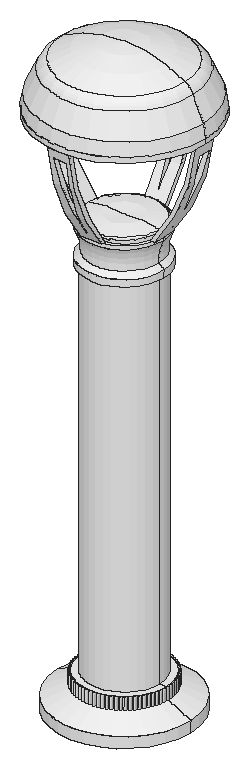
Revit family "LE1", category Lighting Fixtures, Revit 2014
Parameters
  Wattage Comments = "default"
  Wattage = 12.1178 W
  built-in parameter 1150110 = 1 (stored number, unit not read)
  Voltage = 120 V
  URL = "https://www.hubbell.com/kimlighting/en/"
  Type Comments = "Lighted Bollard"  # constant formula
  built-in parameter 1114217 = 1 (stored number, unit not read)
  Tilt Angle = 90.00°
  built-in parameter 1150109 = 1 (stored number, unit not read)
  built-in parameter 1150134 = (empty or 0)
  built-in parameter 1150113 = 1 (stored number, unit not read)
  Series = "Era® Lantern Bollard"  # constant formula
  Radius = Diameter / 2  # 2.50"
  Product Page URL = "https://www.hubbell.com/kimlighting/en/Products/Lighting-Controls/Commercial-Outdoor-Lighting/Bollards/Era-Lantern-Bollard/p/248478"
  Product Documentation Link = "https://hubbellcdn.com/specsheet/kl_lebollardled_spec_350mA.pdf"
  Power Factor = 1
  Photometric Web Link = "https://www.hubbell.com/kimlighting/en/Products/Lighting-Controls/Commercial-Outdoor-Lighting/Bollards/Era-Lantern-Bollard/p/248478#prod-photometry-section"
  Photometric Web File = "le1-18l3k.ies"
  Photometric Notes = "More IES files download on Photometric Web Link"  # constant formula
  Number of Poles = 1
  Model = "Era® Lantern Bollard"  # constant formula
  MasterFormat Title = "Landscape Lighting, Site Lighting, Walkway Lighting"  # constant formula
  Manufacturer = "Kim Lighting"  # constant formula
  Lumens = 1800 lm
  built-in parameter 1150115 = 1 (stored number, unit not read)
  built-in parameter 1150105 = 143.24 (stored number, unit not read)
  Load Classification = Lighting
  built-in parameter 1150137 = (empty or 0)
  built-in parameter 1150139 = (empty or 0)
  built-in parameter 1150112 = 1 (stored number, unit not read)
  built-in parameter 1150114 = 1 (stored number, unit not read)
  Lamp = "LED"  # constant formula
  built-in parameter 1150132 = 2
  built-in parameter 1150102 = (empty or 0)
  built-in parameter 1150138 = (empty or 0)
  built-in parameter 1150107 = 3000 (stored number, unit not read)
  built-in parameter 1150106 = 1.4324 (stored number, unit not read)
  Height = 24.00"
  Glass = Glass-KIM-Temper Molded
  Finish = Powder Coat-Kim-White
  built-in parameter 1150104 = 13.8 (stored number, unit not read)
  Dimming Lamp Color Temperature Shift = <None>
  Diameter = 5.00"  # constant formula
  Description = "Era Lantern Bollard optics are unmatched by any other period pathway luminaire and features high 95% reflectivity and precise light distributions. Meets strict IES and IDA full cutoff dark sky standards.\r\n\r\nComplement to Era Lantern Luminaire\r\nFull cutoff above horizontal\r\nBattery back-up, emergency battery pack and houseside shield options"  # constant formula
  Color Filter = 16777215
  built-in parameter 1114218 = 1 (stored number, unit not read)
  built-in parameter 1150133 = 10 (stored number, unit not read)
  Assembly Code = "D5020200"
  Apparent Load = 0 VA
Reference planes (in)
  plane 1 "Light Source Axis (F/B)": y = 0
  plane 2: z = 0
  plane 3 "Light Source Axis (L/R)": x = 0
  plane 4 "Light Source Elevation": z = 37.62598
  plane 5 "Left": x = -2.5
  plane 6 "Right": x = 2.5
  plane 7 "Back": y = 2.5
  plane 8 "Front": y = -2.5
  plane 9: z = 28
  plane 10: z = 42.18504
  plane 11: x = -4.69
  plane 12: x = 4.69
  plane 13: x = -5.75
  plane 14: x = 5.75
Forms (in)
  Revolve 1, solid, material "Powder Coat-Kim-White" <- "Finish"
    sketch origin (0, 0, 0) x (1, 0, 0) y (0, 0, 1)
      loop
        line (0, 28) -> (0, 31.17407)
        arc (0, 31.17407) -> (-1.24678, 31.2549) -> (-2.48402, 31.08104) r 6.12486
        arc (-2.48402, 31.08104) -> (-2.54054, 31.04449) -> (-2.5625, 30.98085) r 0.10319
        line (-2.5625, 30.98085) -> (-2.5625, 30.74864) -> (-2.8125, 30.74864) -> (-2.8125, 30.49864)
        arc (-2.8125, 30.49864) -> (-2.51494, 29.76669) -> (-2.45895, 28.97855) r 2.51724
        line (-2.45895, 28.97855) -> (-2.8125, 28.625) -> (-2.8125, 28.14572) -> (-2.5, 28) -> (0, 28)
      loop
        line (0, 38.00278) -> (-5.75, 38.00278) -> (-5.75, 37.63202) -> (0, 37.63202) -> (0, 38.00278)
      axis (0, 28) -> (0, 38.00278)
    angle from 0 to 360
  Revolve 2, solid, material "Powder Coat-Kim-White" <- "Finish"
    sketch origin (0, 0, 0) x (1, 0, 0) y (0, 0, 1)
      loop
        line (-2.5, 28) -> (-2.5, 2.33371) -> (-3, 2.33371) -> (-3, 1.53806) -> (-4.69, 0.75) -> (-4.69, 0) -> (0, 0) -> (0, 28) -> (-2.5, 28)
      axis (0, 28) -> (0, 0)
    angle from 0 to 360
  Extrusion 3, solid, material "Powder Coat-Kim-White" <- "Finish"
    sketch origin (0, 0.0007, 0) x (1, 0, 0) y (0, 0, 1)
      loop
        arc (-5.74472, 37.62598) -> (-4.74909, 33.98703) -> (-2.80874, 30.75155) r 13.85538
        line (-2.80874, 30.75155) -> (-2.55901, 30.75155)
        arc (-2.55901, 30.75155) -> (-4.46326, 34.00246) -> (-5.49505, 37.62598) r 14.96211
        line (-5.49505, 37.62598) -> (-5.74472, 37.62598)
    from -0.83203 to 0.67048
  Extrusion 4, void
    sketch origin (-0.00218, 0, 0) x (0, 1, 0) y (0, 0, 1)
      loop
        line (0, 37.03142) -> (-0.49165, 37.03142) -> (0, 31.46586) -> (0.49165, 37.03142) -> (0, 37.03142)
    from -6.56307 to -2.24182
  Extrusion 5, solid, material "Powder Coat-Kim-White" <- "Finish"
    sketch origin (0.00141, 0.00218, 0) x (0, -1, 0) y (0, 0, 1)
      loop
        arc (-5.74472, 37.62598) -> (-4.74909, 33.98703) -> (-2.80874, 30.75155) r 13.85538
        line (-2.80874, 30.75155) -> (-2.55901, 30.75155)
        arc (-2.55901, 30.75155) -> (-4.46326, 34.00246) -> (-5.49505, 37.62598) r 14.96211
        line (-5.49505, 37.62598) -> (-5.74472, 37.62598)
    from -0.83203 to 0.67048
  Extrusion 6, void
    sketch origin (0.0007, 0.00435, 0) x (1, 0, 0) y (0, 0, 1)
      loop
        line (0, 37.03142) -> (-0.49165, 37.03142) -> (0, 31.46586) -> (0.49165, 37.03142) -> (0, 37.03142)
    from -6.56307 to -2.24182
  Extrusion 7, solid, material "Powder Coat-Kim-White" <- "Finish"
    sketch origin (0.00288, 0.00077, 0) x (-1, 0, 0) y (0, 0, 1)
      loop
        arc (-5.74472, 37.62598) -> (-4.74909, 33.98703) -> (-2.80874, 30.75155) r 13.85538
        line (-2.80874, 30.75155) -> (-2.55901, 30.75155)
        arc (-2.55901, 30.75155) -> (-4.46326, 34.00246) -> (-5.49505, 37.62598) r 14.96211
        line (-5.49505, 37.62598) -> (-5.74472, 37.62598)
    from -0.83203 to 0.67048
  Extrusion 8, void
    sketch origin (0.00505, 0.00147, 0) x (0, -1, 0) y (0, 0, 1)
      loop
        line (0, 37.03142) -> (-0.49165, 37.03142) -> (0, 31.46586) -> (0.49165, 37.03142) -> (0, 37.03142)
    from -6.56307 to -2.24182
  Extrusion 9, solid, material "Powder Coat-Kim-White" <- "Finish"
    sketch origin (0.00147, -0.0007, 0) x (0, 1, 0) y (0, 0, 1)
      loop
        arc (-5.74472, 37.62598) -> (-4.74909, 33.98703) -> (-2.80874, 30.75155) r 13.85538
        line (-2.80874, 30.75155) -> (-2.55901, 30.75155)
        arc (-2.55901, 30.75155) -> (-4.46326, 34.00246) -> (-5.49505, 37.62598) r 14.96211
        line (-5.49505, 37.62598) -> (-5.74472, 37.62598)
    from -0.83203 to 0.67048
  Extrusion 10, void
    sketch origin (0.00218, -0.00288, 0) x (-1, 0, 0) y (0, 0, 1)
      loop
        line (0, 37.03142) -> (-0.49165, 37.03142) -> (0, 31.46586) -> (0.49165, 37.03142) -> (0, 37.03142)
    from -6.56307 to -2.24182
  Revolve 11, solid, material "Powder Coat-Kim-White" <- "Finish"
    sketch origin (0, 0, -0.375) x (1, 0, 0) y (0, 0, 1)
      loop
        line (-5.75046, 38.37778) -> (0, 38.37778) -> (0, 42.56004)
        arc (0, 42.56004) -> (-2.21407, 42.23936) -> (-4.29467, 41.41713) r 9.64356
        arc (-4.29467, 41.41713) -> (-4.63067, 41.16007) -> (-4.86843, 40.81015) r 1.32389
        line (-4.86843, 40.81015) -> (-5.5971, 39.24751) -> (-5.75046, 38.37778)
      axis (0, 42.56004) -> (0, 38.37778)
    angle from 0 to 360
  Extrusion 12, solid, material "Powder Coat-Kim-White" <- "Finish"
    sketch origin (0, 0, 0) x (1, 0, 0) y (0, 1, 0)
      loop
        arc (0.08185, 3.00042) -> (0.0037, 3.10165) -> (-0.07463, 3.00055) r 0.08084
        arc (-0.07463, 3.00055) -> (0.00361, 3.00168) -> (0.08185, 3.00042) r 2.56173
      loop
        arc (0.34299, 2.98199) -> (0.27395, 3.08965) -> (0.18711, 2.99577) r 0.08084
        arc (0.18711, 2.99577) -> (0.26515, 2.99007) -> (0.34299, 2.98199) r 2.56173
      loop
        arc (0.60152, 2.94088) -> (0.54213, 3.05415) -> (0.44744, 2.96819) r 0.08084
        arc (0.44744, 2.96819) -> (0.52469, 2.95571) -> (0.60152, 2.94088) r 2.56173
      loop
        arc (0.85549, 2.87739) -> (0.8062, 2.9954) -> (0.70437, 2.91802) r 0.08084
        arc (0.70437, 2.91802) -> (0.78024, 2.89886) -> (0.85549, 2.87739) r 2.56173
      loop
        arc (1.10296, 2.79201) -> (1.06414, 2.91387) -> (0.95595, 2.84566) r 0.08084
        arc (0.95595, 2.84566) -> (1.02987, 2.81996) -> (1.10296, 2.79201) r 2.56173
      loop
        arc (1.34204, 2.68539) -> (1.31399, 2.81016) -> (1.20027, 2.75164) r 0.08084
        arc (1.20027, 2.75164) -> (1.27166, 2.7196) -> (1.34204, 2.68539) r 2.56173
      loop
        arc (1.57092, 2.55833) -> (1.55385, 2.68508) -> (1.43547, 2.63669) r 0.08084
        arc (1.43547, 2.63669) -> (1.50379, 2.59854) -> (1.57092, 2.55833) r 2.56173
      loop
        arc (1.78786, 2.41181) -> (1.7819, 2.53956) -> (1.65975, 2.50167) r 0.08084
        arc (1.65975, 2.50167) -> (1.72449, 2.45772) -> (1.78786, 2.41181) r 2.56173
      loop
        arc (1.9912, 2.24694) -> (1.9964, 2.37472) -> (1.87141, 2.34762) r 0.08084
        arc (1.87141, 2.34762) -> (1.93207, 2.2982) -> (1.9912, 2.24694) r 2.56173
      loop
        arc (2.1794, 2.06497) -> (2.19571, 2.19182) -> (2.06884, 2.17571) r 0.08084
        arc (2.06884, 2.17571) -> (2.12496, 2.12119) -> (2.1794, 2.06497) r 2.56173
      loop
        arc (2.35102, 1.86729) -> (2.37833, 1.99224) -> (2.25053, 1.98725) r 0.08084
        arc (2.25053, 1.98725) -> (2.30169, 1.92804) -> (2.35102, 1.86729) r 2.56173
      loop
        arc (2.50476, 1.65541) -> (2.54286, 1.7775) -> (2.41511, 1.78367) r 0.08084
        arc (2.41511, 1.78367) -> (2.46092, 1.72023) -> (2.50476, 1.65541) r 2.56173
      loop
        arc (2.63945, 1.43094) -> (2.68804, 1.54924) -> (2.56132, 1.56652) r 0.08084
        arc (2.56132, 1.56652) -> (2.60142, 1.49933) -> (2.63945, 1.43094) r 2.56173
      loop
        arc (2.75406, 1.19558) -> (2.81278, 1.30919) -> (2.68805, 1.33745) r 0.08084
        arc (2.68805, 1.33745) -> (2.72214, 1.26702) -> (2.75406, 1.19558) r 2.56173
      loop
        arc (2.84772, 0.95112) -> (2.91612, 1.05919) -> (2.79433, 1.09821) r 0.08084
        arc (2.79433, 1.09821) -> (2.82215, 1.02508) -> (2.84772, 0.95112) r 2.56173
      loop
        arc (2.91972, 0.69944) -> (2.99728, 0.80113) -> (2.87935, 0.85062) r 0.08084
        arc (2.87935, 0.85062) -> (2.90069, 0.77534) -> (2.91972, 0.69944) r 2.56173
      loop
        arc (2.96951, 0.44243) -> (3.05564, 0.53698) -> (2.94247, 0.59656) r 0.08084
        arc (2.94247, 0.59656) -> (2.95717, 0.5197) -> (2.96951, 0.44243) r 2.56173
      loop
        arc (2.99672, 0.18207) -> (3.09075, 0.26875) -> (2.98321, 0.33797) r 0.08084
        arc (2.98321, 0.33797) -> (2.99115, 0.26012) -> (2.99672, 0.18207) r 2.56173
      loop
        arc (3.00112, -0.07968) -> (3.10235, -0.00152) -> (3.00125, 0.07681) r 0.08084
        arc (3.00125, 0.07681) -> (3.00238, -0.00144) -> (3.00112, -0.07968) r 2.56173
      loop
        arc (2.9827, -0.34081) -> (3.09036, -0.27178) -> (2.99647, -0.18494) r 0.08084
        arc (2.99647, -0.18494) -> (2.99077, -0.26298) -> (2.9827, -0.34081) r 2.56173
      loop
        arc (2.94159, -0.59935) -> (3.05485, -0.53996) -> (2.96889, -0.44526) r 0.08084
        arc (2.96889, -0.44526) -> (2.95641, -0.52251) -> (2.94159, -0.59935) r 2.56173
      loop
        arc (2.8781, -0.85331) -> (2.99611, -0.80402) -> (2.91873, -0.7022) r 0.08084
        arc (2.91873, -0.7022) -> (2.89957, -0.77806) -> (2.8781, -0.85331) r 2.56173
      loop
        arc (2.79272, -1.10078) -> (2.91457, -1.06196) -> (2.84636, -0.95378) r 0.08084
        arc (2.84636, -0.95378) -> (2.82066, -1.02769) -> (2.79272, -1.10078) r 2.56173
      loop
        arc (2.68609, -1.33986) -> (2.81087, -1.31181) -> (2.75234, -1.1981) r 0.08084
        arc (2.75234, -1.1981) -> (2.7203, -1.26949) -> (2.68609, -1.33986) r 2.56173
      loop
        arc (2.55903, -1.56875) -> (2.68578, -1.55168) -> (2.63739, -1.43329) r 0.08084
        arc (2.63739, -1.43329) -> (2.59925, -1.50162) -> (2.55903, -1.56875) r 2.56173
      loop
        arc (2.41251, -1.78568) -> (2.54026, -1.77973) -> (2.50238, -1.65758) r 0.08084
        arc (2.50238, -1.65758) -> (2.45842, -1.72232) -> (2.41251, -1.78568) r 2.56173
      loop
        arc (2.24764, -1.98902) -> (2.37543, -1.99422) -> (2.34833, -1.86924) r 0.08084
        arc (2.34833, -1.86924) -> (2.2989, -1.9299) -> (2.24764, -1.98902) r 2.56173
      loop
        arc (2.06567, -2.17722) -> (2.19252, -2.19354) -> (2.17642, -2.06666) r 0.08084
        arc (2.17642, -2.06666) -> (2.12189, -2.12279) -> (2.06567, -2.17722) r 2.56173
      loop
        arc (1.868, -2.34884) -> (1.99294, -2.37615) -> (1.98796, -2.24836) r 0.08084
        arc (1.98796, -2.24836) -> (1.92874, -2.29952) -> (1.868, -2.34884) r 2.56173
      loop
        arc (1.65612, -2.50258) -> (1.7782, -2.54068) -> (1.78438, -2.41294) r 0.08084
        arc (1.78438, -2.41294) -> (1.72093, -2.45874) -> (1.65612, -2.50258) r 2.56173
      loop
        arc (1.43164, -2.63727) -> (1.54994, -2.68586) -> (1.56722, -2.55915) r 0.08084
        arc (1.56722, -2.55915) -> (1.50003, -2.59924) -> (1.43164, -2.63727) r 2.56173
      loop
        arc (1.19628, -2.75188) -> (1.3099, -2.8106) -> (1.33816, -2.68587) r 0.08084
        arc (1.33816, -2.68587) -> (1.26772, -2.71996) -> (1.19628, -2.75188) r 2.56173
      loop
        arc (0.95183, -2.84555) -> (1.05989, -2.91394) -> (1.09892, -2.79215) r 0.08084
        arc (1.09892, -2.79215) -> (1.02578, -2.81997) -> (0.95183, -2.84555) r 2.56173
      loop
        arc (0.70014, -2.91755) -> (0.80183, -2.9951) -> (0.85133, -2.87717) r 0.08084
        arc (0.85133, -2.87717) -> (0.77604, -2.89852) -> (0.70014, -2.91755) r 2.56173
      loop
        arc (0.44314, -2.96734) -> (0.53768, -3.05346) -> (0.59727, -2.9403) r 0.08084
        arc (0.59727, -2.9403) -> (0.52041, -2.95499) -> (0.44314, -2.96734) r 2.56173
      loop
        arc (0.18277, -2.99454) -> (0.26945, -3.08858) -> (0.33867, -2.98103) r 0.08084
        arc (0.33867, -2.98103) -> (0.26082, -2.98898) -> (0.18277, -2.99454) r 2.56173
      loop
        arc (-0.07897, -2.99895) -> (-0.00082, -3.10018) -> (0.07751, -2.99908) r 0.08084
        arc (0.07751, -2.99908) -> (-0.00073, -3.00021) -> (-0.07897, -2.99895) r 2.56173
      loop
        arc (-0.34011, -2.98052) -> (-0.27107, -3.08818) -> (-0.18423, -2.99429) r 0.08084
        arc (-0.18423, -2.99429) -> (-0.26228, -2.9886) -> (-0.34011, -2.98052) r 2.56173
      loop
        arc (-0.59864, -2.93941) -> (-0.53925, -3.05268) -> (-0.44456, -2.96671) r 0.08084
        arc (-0.44456, -2.96671) -> (-0.52181, -2.95424) -> (-0.59864, -2.93941) r 2.56173
      loop
        arc (-0.85261, -2.87592) -> (-0.80332, -2.99393) -> (-0.70149, -2.91655) r 0.08084
        arc (-0.70149, -2.91655) -> (-0.77736, -2.89739) -> (-0.85261, -2.87592) r 2.56173
      loop
        arc (-1.10008, -2.79054) -> (-1.06126, -2.9124) -> (-0.95308, -2.84419) r 0.08084
        arc (-0.95308, -2.84419) -> (-1.02699, -2.81849) -> (-1.10008, -2.79054) r 2.56173
      loop
        arc (-1.33916, -2.68392) -> (-1.31111, -2.80869) -> (-1.19739, -2.75017) r 0.08084
        arc (-1.19739, -2.75017) -> (-1.26878, -2.71812) -> (-1.33916, -2.68392) r 2.56173
      loop
        arc (-1.56804, -2.55686) -> (-1.55097, -2.68361) -> (-1.43259, -2.63521) r 0.08084
        arc (-1.43259, -2.63521) -> (-1.50091, -2.59707) -> (-1.56804, -2.55686) r 2.56173
      loop
        arc (-1.78498, -2.41034) -> (-1.77902, -2.53809) -> (-1.65687, -2.5002) r 0.08084
        arc (-1.65687, -2.5002) -> (-1.72161, -2.45625) -> (-1.78498, -2.41034) r 2.56173
      loop
        arc (-1.98832, -2.24547) -> (-1.99352, -2.37325) -> (-1.86853, -2.34615) r 0.08084
        arc (-1.86853, -2.34615) -> (-1.92919, -2.29672) -> (-1.98832, -2.24547) r 2.56173
      loop
        arc (-2.17652, -2.0635) -> (-2.19284, -2.19035) -> (-2.06596, -2.17424) r 0.08084
        arc (-2.06596, -2.17424) -> (-2.12209, -2.11972) -> (-2.17652, -2.0635) r 2.56173
      loop
        arc (-2.34814, -1.86582) -> (-2.37545, -1.99076) -> (-2.24766, -1.98578) r 0.08084
        arc (-2.24766, -1.98578) -> (-2.29881, -1.92657) -> (-2.34814, -1.86582) r 2.56173
      loop
        arc (-2.50188, -1.65394) -> (-2.53998, -1.77603) -> (-2.41223, -1.7822) r 0.08084
        arc (-2.41223, -1.7822) -> (-2.45804, -1.71875) -> (-2.50188, -1.65394) r 2.56173
      loop
        arc (-2.63657, -1.42946) -> (-2.68516, -1.54777) -> (-2.55844, -1.56505) r 0.08084
        arc (-2.55844, -1.56505) -> (-2.59854, -1.49785) -> (-2.63657, -1.42946) r 2.56173
      loop
        arc (-2.75118, -1.1941) -> (-2.8099, -1.30772) -> (-2.68517, -1.33598) r 0.08084
        arc (-2.68517, -1.33598) -> (-2.71926, -1.26555) -> (-2.75118, -1.1941) r 2.56173
      loop
        arc (-2.84484, -0.94965) -> (-2.91324, -1.05772) -> (-2.79145, -1.09674) r 0.08084
        arc (-2.79145, -1.09674) -> (-2.81927, -1.02361) -> (-2.84484, -0.94965) r 2.56173
      loop
        arc (-2.91684, -0.69797) -> (-2.9944, -0.79966) -> (-2.87647, -0.84915) r 0.08084
        arc (-2.87647, -0.84915) -> (-2.89781, -0.77387) -> (-2.91684, -0.69797) r 2.56173
      loop
        arc (-2.96663, -0.44096) -> (-3.05276, -0.53551) -> (-2.93959, -0.59509) r 0.08084
        arc (-2.93959, -0.59509) -> (-2.95429, -0.51823) -> (-2.96663, -0.44096) r 2.56173
      loop
        arc (-2.99384, -0.1806) -> (-3.08787, -0.26728) -> (-2.98033, -0.3365) r 0.08084
        arc (-2.98033, -0.3365) -> (-2.98827, -0.25865) -> (-2.99384, -0.1806) r 2.56173
      loop
        arc (-2.99824, 0.08115) -> (-3.09948, 0.00299) -> (-2.99838, -0.07533) r 0.08084
        arc (-2.99838, -0.07533) -> (-2.9995, 0.00291) -> (-2.99824, 0.08115) r 2.56173
      loop
        arc (-2.97982, 0.34228) -> (-3.08748, 0.27325) -> (-2.99359, 0.18641) r 0.08084
        arc (-2.99359, 0.18641) -> (-2.9879, 0.26445) -> (-2.97982, 0.34228) r 2.56173
      loop
        arc (-2.93871, 0.60082) -> (-3.05197, 0.54143) -> (-2.96601, 0.44673) r 0.08084
        arc (-2.96601, 0.44673) -> (-2.95354, 0.52398) -> (-2.93871, 0.60082) r 2.56173
      loop
        arc (-2.87522, 0.85478) -> (-2.99323, 0.80549) -> (-2.91585, 0.70367) r 0.08084
        arc (-2.91585, 0.70367) -> (-2.89669, 0.77954) -> (-2.87522, 0.85478) r 2.56173
      loop
        arc (-2.78984, 1.10225) -> (-2.91169, 1.06343) -> (-2.84348, 0.95525) r 0.08084
        arc (-2.84348, 0.95525) -> (-2.81778, 1.02916) -> (-2.78984, 1.10225) r 2.56173
      loop
        arc (-2.68321, 1.34134) -> (-2.80799, 1.31329) -> (-2.74946, 1.19957) r 0.08084
        arc (-2.74946, 1.19957) -> (-2.71742, 1.27096) -> (-2.68321, 1.34134) r 2.56173
      loop
        arc (-2.55615, 1.57022) -> (-2.6829, 1.55315) -> (-2.63451, 1.43477) r 0.08084
        arc (-2.63451, 1.43477) -> (-2.59637, 1.50309) -> (-2.55615, 1.57022) r 2.56173
      loop
        arc (-2.40963, 1.78715) -> (-2.53739, 1.7812) -> (-2.4995, 1.65905) r 0.08084
        arc (-2.4995, 1.65905) -> (-2.45554, 1.72379) -> (-2.40963, 1.78715) r 2.56173
      loop
        arc (-2.24476, 1.9905) -> (-2.37255, 1.9957) -> (-2.34545, 1.87071) r 0.08084
        arc (-2.34545, 1.87071) -> (-2.29602, 1.93137) -> (-2.24476, 1.9905) r 2.56173
      loop
        arc (-2.06279, 2.17869) -> (-2.18964, 2.19501) -> (-2.17354, 2.06814) r 0.08084
        arc (-2.17354, 2.06814) -> (-2.11901, 2.12426) -> (-2.06279, 2.17869) r 2.56173
      loop
        arc (-0.34299, 2.98199) -> (-0.26515, 2.99007) -> (-0.18711, 2.99577) r 2.56173
        arc (-0.18711, 2.99577) -> (-0.27395, 3.08965) -> (-0.34299, 2.98199) r 0.08084
      loop
        arc (-0.60152, 2.94088) -> (-0.52469, 2.95571) -> (-0.44744, 2.96819) r 2.56173
        arc (-0.44744, 2.96819) -> (-0.54213, 3.05415) -> (-0.60152, 2.94088) r 0.08084
      loop
        arc (-0.85549, 2.87739) -> (-0.78024, 2.89886) -> (-0.70437, 2.91802) r 2.56173
        arc (-0.70437, 2.91802) -> (-0.8062, 2.9954) -> (-0.85549, 2.87739) r 0.08084
      loop
        arc (-1.10296, 2.79201) -> (-1.02987, 2.81996) -> (-0.95595, 2.84566) r 2.56173
        arc (-0.95595, 2.84566) -> (-1.06414, 2.91387) -> (-1.10296, 2.79201) r 0.08084
      loop
        arc (-1.34204, 2.68539) -> (-1.27166, 2.7196) -> (-1.20027, 2.75164) r 2.56173
        arc (-1.20027, 2.75164) -> (-1.31399, 2.81016) -> (-1.34204, 2.68539) r 0.08084
      loop
        arc (-1.57092, 2.55833) -> (-1.50379, 2.59854) -> (-1.43547, 2.63669) r 2.56173
        arc (-1.43547, 2.63669) -> (-1.55385, 2.68508) -> (-1.57092, 2.55833) r 0.08084
      loop
        arc (-1.78786, 2.41181) -> (-1.72449, 2.45772) -> (-1.65975, 2.50167) r 2.56173
        arc (-1.65975, 2.50167) -> (-1.7819, 2.53956) -> (-1.78786, 2.41181) r 0.08084
      loop
        arc (-1.9912, 2.24694) -> (-1.93207, 2.2982) -> (-1.87141, 2.34762) r 2.56173
        arc (-1.87141, 2.34762) -> (-1.9964, 2.37472) -> (-1.9912, 2.24694) r 0.08084
    from 1.53806 to 2.33371
Cuts and joins
  Extrusion 4 cuts Revolve 1
  Extrusion 4, Extrusion 6 cuts Extrusion 3
  Extrusion 6 cuts Extrusion 5
  Extrusion 8 cuts Extrusion 7
  Extrusion 10 cuts Extrusion 9
Lines and regions (in)
  Masking region 1
    outline origin (0, 0, 0) x (1, 0, 0) y (0, 1, 0)
      loop
        circle (0, 0) r 2.5
  symbolic lines, style "LightingFixturesHiddenLines", detail levels fine
    curve 1: circle (-0.26777, 0.26777, 0) r 0.1875 normal (0, 0, 1)
    curve 2: circle (0.26777, 0.26777, 0) r 0.1875 normal (0, 0, -1)
    curve 3: circle (-0.26777, -0.26777, 0) r 0.1875 normal (0, 0, -1)
    curve 4: circle (0.26777, -0.26777, 0) r 0.1875 normal (0, 0, 1)
  symbolic lines, style "LightingFixturesHiddenLines", detail levels medium+fine
    curve 5: circle (0, 0, 0) r 1.875 normal (0, 0, 1)
Dimensions and locks (in)
  equal spacing: plane 7 "Back", plane 1 "Light Source Axis (F/B)", plane 8 "Front"
  "Diameter": plane 7 "Back" to plane 8 "Front"
  equal spacing: plane 5 "Left", plane 3 "Light Source Axis (L/R)", plane 6 "Right"
  "Diameter": plane 5 "Left" to plane 6 "Right"
  locked: curve 3 to plane 8 "Front" at 2.23223
  locked: plane 7 "Back" to curve 1 at 2.23223
  locked: plane 7 "Back" to curve 2 at 2.23223
  locked: curve 4 to plane 8 "Front" at 2.23223
  locked: plane 5 "Left" to curve 1 at 2.23223
  locked: plane 5 "Left" to curve 3 at 2.23223
  locked: curve 2 to plane 6 "Right" at 2.23223
  locked: curve 4 to plane 6 "Right" at 2.23223
  locked: curve 5 to plane 1 "Light Source Axis (F/B)" at 0
  locked: curve 5 to plane 3 "Light Source Axis (L/R)" at 0
  locked: plane 1 "Light Source Axis (F/B)" to Masking region 1 sketch curve at 0
  locked: plane 3 "Light Source Axis (L/R)" to Masking region 1 sketch curve at 0
  plane 5 "Left" to plane 6 "Right" = 5.00"
  plane 9 to plane 2 = 28.00"
  "Radius": radius of Masking region 1 sketch curve
  aligned and locked: plane 3 "Light Source Axis (L/R)" to imposter light
  aligned and locked: plane 1 "Light Source Axis (F/B)" to imposter light
  aligned and locked: plane 4 "Light Source Elevation" to imposter light
  aligned and locked: plane 3 "Light Source Axis (L/R)" to Revolve 1 sketch curve
  aligned and locked: Revolve 2 sketch curve to plane 3 "Light Source Axis (L/R)"  (x2)
  aligned and locked: Revolve 2 sketch curve to plane 9
  aligned and locked: plane 5 "Left" to Revolve 2 sketch curve
Automatic sketch dimensions
  Revolve 2 sketch curve to plane 11 = 0.00"
  plane 5 "Left" to Revolve 2 sketch curve = 0.50"
  Revolve 2 sketch curve to Revolve 2 sketch curve = 0.75"
  level to Revolve 2 sketch curve = 1.53806"
  Revolve 2 sketch curve to Revolve 2 sketch curve = 0.79565"
  Revolve 2 sketch curve to level = 0.00"  (x2)
  Revolve 2 sketch curve to Revolve 2 sketch curve = 1.50"
  Revolve 1 sketch curve to plane 13 = 0.00"
  plane 5 "Left" to Revolve 1 sketch curve = 0.00"
  Revolve 1 sketch curve to plane 3 "Light Source Axis (L/R)" = 0.00"  (x2)
  Revolve 1 sketch curve to plane 9 = 0.00"
  Revolve 1 sketch curve to plane 4 "Light Source Elevation" = 0.37679"
  Revolve 1 sketch curve to plane 11 = 0.27674"
  plane 5 "Left" to Revolve 1 sketch curve = 0.3125"
  plane 5 "Left" to Revolve 1 sketch curve = 0.0625"
  Revolve 1 sketch curve to plane 5 "Left" = 0.04069"
  Revolve 1 sketch curve to plane 5 "Left" = 0.04105"
  Revolve 1 sketch curve to plane 3 "Light Source Axis (L/R)" = 1.01756"
  Revolve 1 sketch curve to plane 9 = 2.86567"
  Revolve 1 sketch curve to Revolve 1 sketch curve = 0.625"
  Revolve 1 sketch curve to Revolve 1 sketch curve = 0.35355"
  plane 9 to Revolve 1 sketch curve = 1.19643"
  Revolve 1 sketch curve to Revolve 1 sketch curve = 0.25"
  Revolve 1 sketch curve to Revolve 1 sketch curve = 0.23222"
  Revolve 1 sketch curve to Revolve 1 sketch curve = 0.19322"
  Revolve 1 sketch curve to Revolve 1 sketch curve = 0.37076"
  plane 9 to Revolve 1 sketch curve = 0.14572"
  Revolve 1 sketch curve to plane 9 = 1.25"
  plane 10 to Revolve 1 sketch curve = 3.00"
  Revolve 1 sketch curve to Revolve 1 sketch curve = 0.3125"
  Extrusion 3 sketch curve to Extrusion 3 sketch curve = 1.30359"
  Extrusion 3 sketch curve to Extrusion 3 sketch curve = 0.4502"
  Extrusion 4 sketch curve to Extrusion 4 sketch curve = 0.49165"  (x2)
  Extrusion 3 sketch curve to Extrusion 3 sketch curve = 0.24968"
  Extrusion 3 sketch curve to Extrusion 3 sketch curve = 2.6863"
  Extrusion 3 sketch curve to Extrusion 3 sketch curve = 0.24973"
  Extrusion 3 sketch curve to Extrusion 3 sketch curve = 13.4879"
  Extrusion 4 sketch curve to Extrusion 4 sketch curve = 0.00"
  Extrusion 4 sketch curve to Extrusion 4 sketch curve = 5.56556"
  Extrusion 5 sketch curve to Extrusion 5 sketch curve = 1.30359"
  Extrusion 5 sketch curve to Extrusion 5 sketch curve = 0.4502"
  Extrusion 6 sketch curve to Extrusion 6 sketch curve = 0.49165"  (x2)
  Extrusion 5 sketch curve to Extrusion 5 sketch curve = 0.24968"
  Extrusion 5 sketch curve to Extrusion 5 sketch curve = 2.6863"
  Extrusion 5 sketch curve to Extrusion 5 sketch curve = 0.24973"
  Extrusion 5 sketch curve to Extrusion 5 sketch curve = 13.4879"
  Extrusion 6 sketch curve to Extrusion 6 sketch curve = 0.00"
  Extrusion 6 sketch curve to Extrusion 6 sketch curve = 5.56556"
  Extrusion 7 sketch curve to Extrusion 7 sketch curve = 1.30359"
  Extrusion 7 sketch curve to Extrusion 7 sketch curve = 0.4502"
  Extrusion 8 sketch curve to Extrusion 8 sketch curve = 0.49165"  (x2)
  Extrusion 7 sketch curve to Extrusion 7 sketch curve = 0.24968"
  Extrusion 7 sketch curve to Extrusion 7 sketch curve = 2.6863"
  Extrusion 7 sketch curve to Extrusion 7 sketch curve = 0.24973"
  Extrusion 7 sketch curve to Extrusion 7 sketch curve = 13.4879"
  Extrusion 8 sketch curve to Extrusion 8 sketch curve = 0.00"
  Extrusion 8 sketch curve to Extrusion 8 sketch curve = 5.56556"
  Extrusion 9 sketch curve to Extrusion 9 sketch curve = 1.30359"
  Extrusion 9 sketch curve to Extrusion 9 sketch curve = 0.4502"
  Extrusion 10 sketch curve to Extrusion 10 sketch curve = 0.49165"  (x2)
  Extrusion 9 sketch curve to Extrusion 9 sketch curve = 0.24968"
  Extrusion 9 sketch curve to Extrusion 9 sketch curve = 2.6863"
  Extrusion 9 sketch curve to Extrusion 9 sketch curve = 0.24973"
  Extrusion 9 sketch curve to Extrusion 9 sketch curve = 13.4879"
  Extrusion 10 sketch curve to Extrusion 10 sketch curve = 0.00"
  Extrusion 10 sketch curve to Extrusion 10 sketch curve = 5.56556"
  Revolve 11 sketch curve to plane 13 = 0.00046"
  Revolve 11 sketch curve to plane 3 "Light Source Axis (L/R)" = 0.00"  (x2)
  plane 13 to Revolve 11 sketch curve = 0.1529"
  Revolve 11 sketch curve to plane 11 = 0.17843"
  plane 11 to Revolve 11 sketch curve = 1.02143"
  plane 3 "Light Source Axis (L/R)" to Revolve 11 sketch curve = 0.26597"
  plane 4 "Light Source Elevation" to Revolve 11 sketch curve = 5.08084"
  Revolve 11 sketch curve to plane 4 "Light Source Elevation" = 0.37679"
  Revolve 11 sketch curve to Revolve 11 sketch curve = 0.86973"
  Revolve 11 sketch curve to plane 10 = 2.30939"
  Revolve 11 sketch curve to Revolve 11 sketch curve = 0.5595"
  plane 10 to Revolve 11 sketch curve = 0.00"
  plane 4 "Light Source Elevation" to Revolve 11 sketch curve = 0.78478"
  Revolve 11 sketch curve to Revolve 11 sketch curve = 2.94094"
  Extrusion 12 sketch curve to plane 1 "Light Source Axis (F/B)" = 0.00293"
  plane 5 "Left" to Extrusion 12 sketch curve = 0.51864"
  Extrusion 12 sketch curve to Extrusion 12 sketch curve = 0.0113"  (x3)
  Extrusion 12 sketch curve to Extrusion 12 sketch curve = 0.01168"  (x2)
  Extrusion 12 sketch curve to Extrusion 12 sketch curve = 0.0342"  (x3)
  Extrusion 12 sketch curve to Extrusion 12 sketch curve = 0.03458"  (x5)
  Extrusion 12 sketch curve to Extrusion 12 sketch curve = 0.05684"  (x3)
  Extrusion 12 sketch curve to Extrusion 12 sketch curve = 0.05721"  (x5)
  Extrusion 12 sketch curve to Extrusion 12 sketch curve = 0.07904"  (x3)
  Extrusion 12 sketch curve to Extrusion 12 sketch curve = 0.07941"  (x5)
  plane 5 "Left" to Extrusion 12 sketch curve = 0.2366"
  plane 5 "Left" to Extrusion 12 sketch curve = 0.23475"
  plane 5 "Left" to Extrusion 12 sketch curve = 0.11512"
  plane 5 "Left" to Extrusion 12 sketch curve = 0.11293"
  Extrusion 12 sketch curve to plane 5 "Left" = 0.02628"
  Extrusion 12 sketch curve to plane 5 "Left" = 0.02879"
  Extrusion 12 sketch curve to plane 5 "Left" = 0.18652"
  Extrusion 12 sketch curve to plane 5 "Left" = 0.18933"
  Extrusion 12 sketch curve to Extrusion 12 sketch curve = 0.17786"  (x2)
  Extrusion 12 sketch curve to Extrusion 12 sketch curve = 0.17814"  (x2)
  Extrusion 12 sketch curve to Extrusion 12 sketch curve = 0.18814"
  Extrusion 12 sketch curve to Extrusion 12 sketch curve = 0.19412"  (x4)
  Extrusion 12 sketch curve to plane 7 "Back" = 0.02662"  (x2)
  Extrusion 12 sketch curve to Extrusion 12 sketch curve = 0.20891"  (x5)
  plane 8 "Front" to Extrusion 12 sketch curve = 0.02809"
  plane 7 "Back" to Extrusion 12 sketch curve = 0.1151"  (x2)
  Extrusion 12 sketch curve to Extrusion 12 sketch curve = 0.2221"  (x5)
  Extrusion 12 sketch curve to plane 8 "Front" = 0.11363"
  Extrusion 12 sketch curve to Extrusion 12 sketch curve = 0.23361"  (x5)
  Extrusion 12 sketch curve to Extrusion 12 sketch curve = 0.24334"  (x5)
  Extrusion 12 sketch curve to Extrusion 12 sketch curve = 0.25122"  (x5)
  Extrusion 12 sketch curve to Extrusion 12 sketch curve = 0.25718"  (x5)
  Extrusion 12 sketch curve to plane 1 "Light Source Axis (F/B)" = 0.00074"  (x2)
  Extrusion 12 sketch curve to plane 3 "Light Source Axis (L/R)" = 0.43778"
  Extrusion 12 sketch curve to Extrusion 12 sketch curve = 0.00167"  (x6)
  Extrusion 12 sketch curve to Extrusion 12 sketch curve = 0.005"  (x8)
  Extrusion 12 sketch curve to Extrusion 12 sketch curve = 0.00829"  (x8)
  Extrusion 12 sketch curve to Extrusion 12 sketch curve = 0.01152"  (x8)
  Extrusion 12 sketch curve to Extrusion 12 sketch curve = 0.01466"  (x8)
  Extrusion 12 sketch curve to Extrusion 12 sketch curve = 0.01769"  (x8)
  Extrusion 12 sketch curve to Extrusion 12 sketch curve = 0.02059"  (x8)
  Extrusion 12 sketch curve to Extrusion 12 sketch curve = 0.02333"  (x8)
  Extrusion 12 sketch curve to Extrusion 12 sketch curve = 0.02589"  (x8)
  Extrusion 12 sketch curve to Extrusion 12 sketch curve = 0.02537"
  Extrusion 12 sketch curve to Extrusion 12 sketch curve = 0.02825"  (x7)
  Extrusion 12 sketch curve to Extrusion 12 sketch curve = 0.26119"  (x5)
  Extrusion 12 sketch curve to Extrusion 12 sketch curve = 0.0304"  (x8)
  Extrusion 12 sketch curve to Extrusion 12 sketch curve = 0.03232"  (x8)
  Extrusion 12 sketch curve to Extrusion 12 sketch curve = 0.03399"  (x8)
  Extrusion 12 sketch curve to Extrusion 12 sketch curve = 0.0354"  (x8)
  Extrusion 12 sketch curve to Extrusion 12 sketch curve = 0.03654"  (x8)
  Extrusion 12 sketch curve to Extrusion 12 sketch curve = 0.03741"  (x8)
  Extrusion 12 sketch curve to Extrusion 12 sketch curve = 0.03799"  (x5)
  Extrusion 12 sketch curve to plane 3 "Light Source Axis (L/R)" = 0.03684"
  Extrusion 12 sketch curve to plane 3 "Light Source Axis (L/R)" = 0.00075"
  plane 3 "Light Source Axis (L/R)" to Extrusion 12 sketch curve = 0.00144"  (x2)
  plane 3 "Light Source Axis (L/R)" to Extrusion 12 sketch curve = 0.00363"
  Extrusion 12 sketch curve to Extrusion 12 sketch curve = 0.03828"  (x4)
  plane 3 "Light Source Axis (L/R)" to Extrusion 12 sketch curve = 0.26248"
  Extrusion 12 sketch curve to Extrusion 12 sketch curve = 0.26321"  (x2)
  Extrusion 12 sketch curve to Extrusion 12 sketch curve = 0.26124"  (x2)
  Extrusion 12 sketch curve to Extrusion 12 sketch curve = 0.25726"  (x3)
  Extrusion 12 sketch curve to Extrusion 12 sketch curve = 0.25133"  (x3)
  Extrusion 12 sketch curve to Extrusion 12 sketch curve = 0.24349"  (x3)
  Extrusion 12 sketch curve to plane 8 "Front" = 0.11582"
  Extrusion 12 sketch curve to Extrusion 12 sketch curve = 0.23379"  (x3)
  plane 8 "Front" to Extrusion 12 sketch curve = 0.02558"
  Extrusion 12 sketch curve to Extrusion 12 sketch curve = 0.22231"  (x3)
  Extrusion 12 sketch curve to Extrusion 12 sketch curve = 0.20914"  (x3)
  Extrusion 12 sketch curve to Extrusion 12 sketch curve = 0.19438"  (x3)
  plane 6 "Right" to Extrusion 12 sketch curve = 0.18646"
  plane 6 "Right" to Extrusion 12 sketch curve = 0.18364"
  plane 6 "Right" to Extrusion 12 sketch curve = 0.02592"
  plane 6 "Right" to Extrusion 12 sketch curve = 0.0234"
  Extrusion 12 sketch curve to plane 6 "Right" = 0.11581"
  Extrusion 12 sketch curve to plane 6 "Right" = 0.118"
  Extrusion 12 sketch curve to plane 6 "Right" = 0.23763"
  Extrusion 12 sketch curve to plane 6 "Right" = 0.23948"
  Extrusion 12 sketch curve to Extrusion 12 sketch curve = 0.101"  (x4)
  Extrusion 12 sketch curve to Extrusion 12 sketch curve = 0.10065"  (x2)
  plane 1 "Light Source Axis (F/B)" to Extrusion 12 sketch curve = 0.00145"
  Extrusion 12 sketch curve to plane 8 "Front" = 0.23546"
  Extrusion 12 sketch curve to plane 8 "Front" = 0.23731"
  plane 8 "Front" to Extrusion 12 sketch curve = 0.18582"
  plane 8 "Front" to Extrusion 12 sketch curve = 0.18863"
  plane 1 "Light Source Axis (F/B)" to Extrusion 12 sketch curve = 0.43848"
  plane 1 "Light Source Axis (F/B)" to Extrusion 12 sketch curve = 0.2603"
  plane 1 "Light Source Axis (F/B)" to Extrusion 12 sketch curve = 0.03754"  (x2)
  Extrusion 12 sketch curve to plane 1 "Light Source Axis (F/B)" = 0.26177"
  Extrusion 12 sketch curve to plane 7 "Back" = 0.18716"  (x2)
  plane 7 "Back" to Extrusion 12 sketch curve = 0.23693"  (x2)
  Extrusion 12 sketch curve to Extrusion 12 sketch curve = 0.02026"
  Extrusion 12 sketch curve to Extrusion 12 sketch curve = 0.02039"  (x2)
  Extrusion 12 sketch curve to Extrusion 12 sketch curve = 0.0135"  (x2)
  Extrusion 12 sketch curve to Extrusion 12 sketch curve = 0.01336"  (x2)
  Extrusion 12 sketch curve to Extrusion 12 sketch curve = 0.027"  (x2)
  Extrusion 12 sketch curve to Extrusion 12 sketch curve = 0.02713"  (x2)
  Extrusion 12 sketch curve to Extrusion 12 sketch curve = 0.0065"  (x2)
  Extrusion 12 sketch curve to Extrusion 12 sketch curve = 0.00636"  (x2)
  Extrusion 12 sketch curve to Extrusion 12 sketch curve = 0.03354"  (x2)
  Extrusion 12 sketch curve to Extrusion 12 sketch curve = 0.03367"  (x2)
  Extrusion 12 sketch curve to Extrusion 12 sketch curve = 0.00055"  (x2)
  Extrusion 12 sketch curve to Extrusion 12 sketch curve = 0.00068"  (x2)
  Extrusion 12 sketch curve to Extrusion 12 sketch curve = 0.03983"  (x2)
  Extrusion 12 sketch curve to Extrusion 12 sketch curve = 0.03994"  (x2)
  Extrusion 12 sketch curve to Extrusion 12 sketch curve = 0.00759"  (x2)
  Extrusion 12 sketch curve to Extrusion 12 sketch curve = 0.00773"  (x2)
  Extrusion 12 sketch curve to Extrusion 12 sketch curve = 0.0458"  (x2)
  Extrusion 12 sketch curve to Extrusion 12 sketch curve = 0.04592"  (x2)
  Extrusion 12 sketch curve to Extrusion 12 sketch curve = 0.01458"  (x2)
  Extrusion 12 sketch curve to Extrusion 12 sketch curve = 0.01471"  (x2)
  Extrusion 12 sketch curve to Extrusion 12 sketch curve = 0.05144"  (x2)
  Extrusion 12 sketch curve to Extrusion 12 sketch curve = 0.05154"  (x2)
  Extrusion 12 sketch curve to Extrusion 12 sketch curve = 0.02145"  (x2)
  Extrusion 12 sketch curve to Extrusion 12 sketch curve = 0.02158"  (x2)
  plane 5 "Left" to Extrusion 12 sketch curve = 0.05844"
  plane 5 "Left" to Extrusion 12 sketch curve = 0.05615"
  plane 5 "Left" to Extrusion 12 sketch curve = 0.00188"
  Extrusion 12 sketch curve to plane 5 "Left" = 0.0005"
  Extrusion 12 sketch curve to Extrusion 12 sketch curve = 0.06148"  (x2)
  Extrusion 12 sketch curve to Extrusion 12 sketch curve = 0.06157"  (x2)
  Extrusion 12 sketch curve to Extrusion 12 sketch curve = 0.03466"  (x2)
  Extrusion 12 sketch curve to Extrusion 12 sketch curve = 0.03478"  (x2)
  Extrusion 12 sketch curve to Extrusion 12 sketch curve = 0.06582"  (x2)
  Extrusion 12 sketch curve to Extrusion 12 sketch curve = 0.0659"  (x2)
  Extrusion 12 sketch curve to Extrusion 12 sketch curve = 0.04089"  (x2)
  Extrusion 12 sketch curve to Extrusion 12 sketch curve = 0.04101"  (x2)
  Extrusion 12 sketch curve to Extrusion 12 sketch curve = 0.06966"  (x2)
  Extrusion 12 sketch curve to Extrusion 12 sketch curve = 0.06973"  (x2)
  Extrusion 12 sketch curve to Extrusion 12 sketch curve = 0.04681"  (x3)
  Extrusion 12 sketch curve to Extrusion 12 sketch curve = 0.07297"  (x3)
  Extrusion 12 sketch curve to Extrusion 12 sketch curve = 0.05238"  (x2)
  plane 7 "Back" to Extrusion 12 sketch curve = 0.00167"  (x2)
  Extrusion 12 sketch curve to plane 8 "Front" = 0.0002"
  Extrusion 12 sketch curve to Extrusion 12 sketch curve = 0.05755"  (x2)
  Extrusion 12 sketch curve to Extrusion 12 sketch curve = 0.0779"  (x3)
  Extrusion 12 sketch curve to Extrusion 12 sketch curve = 0.06228"  (x3)
  Extrusion 12 sketch curve to Extrusion 12 sketch curve = 0.07949"  (x3)
  Extrusion 12 sketch curve to Extrusion 12 sketch curve = 0.06653"  (x3)
  Extrusion 12 sketch curve to Extrusion 12 sketch curve = 0.08047"  (x3)
  Extrusion 12 sketch curve to Extrusion 12 sketch curve = 0.07028"  (x3)
  Extrusion 12 sketch curve to Extrusion 12 sketch curve = 0.08084"  (x4)
  Extrusion 12 sketch curve to Extrusion 12 sketch curve = 0.07349"  (x3)
  Extrusion 12 sketch curve to Extrusion 12 sketch curve = 0.08059"  (x3)
  Extrusion 12 sketch curve to Extrusion 12 sketch curve = 0.07615"  (x3)
  Extrusion 12 sketch curve to Extrusion 12 sketch curve = 0.07973"  (x3)
  Extrusion 12 sketch curve to plane 3 "Light Source Axis (L/R)" = 0.07897"
  Extrusion 12 sketch curve to plane 3 "Light Source Axis (L/R)" = 0.07463"
  plane 3 "Light Source Axis (L/R)" to Extrusion 12 sketch curve = 0.07751"
  Extrusion 12 sketch curve to Extrusion 12 sketch curve = 0.07822"
  Extrusion 12 sketch curve to Extrusion 12 sketch curve = 0.0797"
  Extrusion 12 sketch curve to Extrusion 12 sketch curve = 0.0762"
  Extrusion 12 sketch curve to Extrusion 12 sketch curve = 0.08058"
  Extrusion 12 sketch curve to Extrusion 12 sketch curve = 0.07355"
  Extrusion 12 sketch curve to Extrusion 12 sketch curve = 0.07035"
  Extrusion 12 sketch curve to Extrusion 12 sketch curve = 0.08048"
  Extrusion 12 sketch curve to Extrusion 12 sketch curve = 0.06661"
  Extrusion 12 sketch curve to Extrusion 12 sketch curve = 0.07951"
  Extrusion 12 sketch curve to Extrusion 12 sketch curve = 0.06236"
  Extrusion 12 sketch curve to Extrusion 12 sketch curve = 0.07794"
  Extrusion 12 sketch curve to plane 8 "Front" = 0.05915"
  plane 7 "Back" to Extrusion 12 sketch curve = 0.05833"
  Extrusion 12 sketch curve to plane 8 "Front" = 0.00258"
  Extrusion 12 sketch curve to Extrusion 12 sketch curve = 0.07577"
  Extrusion 12 sketch curve to Extrusion 12 sketch curve = 0.07573"
  Extrusion 12 sketch curve to Extrusion 12 sketch curve = 0.07303"
  Extrusion 12 sketch curve to Extrusion 12 sketch curve = 0.04693"
  Extrusion 12 sketch curve to plane 6 "Right" = 0.00238"
  Extrusion 12 sketch curve to plane 6 "Right" = 0.00476"
  Extrusion 12 sketch curve to plane 6 "Right" = 0.05903"
  Extrusion 12 sketch curve to plane 6 "Right" = 0.06132"
  Extrusion 12 sketch curve to plane 1 "Light Source Axis (F/B)" = 0.07681"
  radius of curve 1 = 0.1875"
  radius of curve 2 = 0.1875"
  radius of curve 3 = 0.1875"
  radius of curve 4 = 0.1875"
  radius of curve 5 = 1.875"
Nested families (in)
  nested 1: "Notation" at (0, 4.62623, 0), type "Notation"
Connectors (in)
  electrical at (0, 0, 0), driven by "Load Classification"
    settings: on Revolve 2, index 1, voltage 120 V, apparent load 25 VA, apparent load phase1 0 VA, apparent load phase2 0 VA, apparent load phase3 0 VA, power factor 1, load classification "Lighting", number of poles 1, system type 30, power factor state 1, is connector primary yes, connector utility no, sub classification motor no, connector description "Lighting connector"
Definition of nested family "Notation"
  Parameters (values of type "Notation")
    Notation = "LF"
  Reference planes (in)
    plane 1: y = 0
    plane 2: x = 0
  Text (in)
    label "Notation" at (0.02149, 0.07192, 0), shows "Notation"
